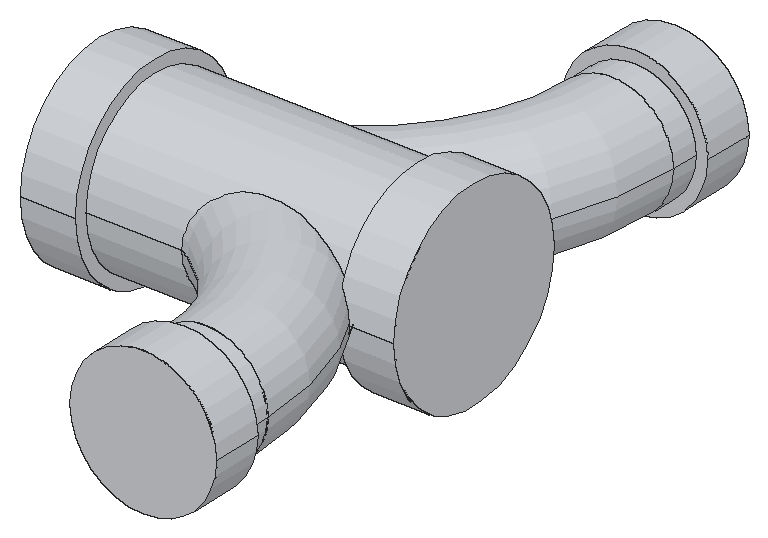
Revit family "f43505e152f14a7dbfd23ad81878217f", category Pipe Fittings, Revit 2021
Family settings
  Round Connector Dimension = Use Radius
  Part Type = Cross
  OmniClass Number = 23.60.30.11.14
  OmniClass Title = Pipework Fittings
  Seek Item ID = Tee Reducing Long Sweep Double Sanitary - PVC - Sch 40 - DWV-0000-USA-ENU
  Work Plane-Based = No
  Always vertical = Yes
  Cut with Voids When Loaded = No
  Shared = No
Parameters (values of type "Standard")
  Wall Thickness 2 [instance] = size_lookup(Lookup Table Name, "WThk", 0.02 * Nominal Diameter 2 + 33/256", Nominal Diameter 2)  # 0.156"
  Wall Thickness 1 [instance] = size_lookup(Lookup Table Name, "WThk", 0.02 * Nominal Diameter 1 + 33/256", Nominal Diameter 1)  # 0.156"
  Tick Size 2 [instance] = Fitting Outside Diameter 2 * 0.4  # 0.664"
  Tick Size 1 [instance] = Fitting Outside Diameter 1 * 0.4  # 0.95"
  Socket Outside Radius 2 [instance] = Socket Outside Diameter 2 / 2  # 0.9935"
  Socket Outside Radius 1 [instance] = Socket Outside Diameter 1 / 2  # 1.351"
  Socket Outside Diameter 2 [instance] = Socket Entrance Diameter 2 + Wall Thickness 2 * 2  # 1.987"
  Socket Outside Diameter 1 [instance] = Socket Entrance Diameter 1 + Wall Thickness 1 * 2  # 2.702"
  Socket Entrance Diameter 2 [instance] = size_lookup(Lookup Table Name, "SED", 1.04 * Nominal Diameter 2 + 95/256", Nominal Diameter 2)  # 1.675"
  Socket Entrance Diameter 1 [instance] = size_lookup(Lookup Table Name, "SED", 1.04 * Nominal Diameter 1 + 95/256", Nominal Diameter 1)  # 2.39"
  Socket Depth 2 [instance] = size_lookup(Lookup Table Name, "SDpt", 0.5 * Nominal Diameter 2, Nominal Diameter 2)  # 0.687"
  Socket Depth 1 [instance] = size_lookup(Lookup Table Name, "SDpt", 0.5 * Nominal Diameter 1, Nominal Diameter 1)  # 3/4"
  Socket Bottom to Socket Bottom Run [instance] = size_lookup(Lookup Table Name, "SBtSBR", 0.03 * Nominal Diameter 1 + 1.96 * Nominal Diameter 2 + 125/256", Nominal Diameter 1, Nominal Diameter 2)  # 3 1/16"
  Radius 4 [instance] = Fitting Outside Radius 2  # 0.83"
  Radius 3 [instance] = Fitting Outside Radius 2  # 0.83"
  Radius 2 [instance] = Fitting Outside Radius 2  # 0.83"
  Radius 1 [instance] = Fitting Outside Radius 2  # 0.83"
  Nominal Radius 2 [instance] = 5/8"
  Nominal Diameter 2 [instance] = Nominal Radius 2 * 2  # 1 1/4"
  Min Angle 12 [instance] = if(Angle 1 < Angle 2, Angle 1, Angle 2)  # 90.00°
  Loss Method = Not Defined
  Lookup Table Name = "Tee Reducing Long Sweep Double Sanitary - PVC - Sch 40 - DWV"
  Length 9 [instance] = if(Length 7 > Socket Outside Radius 1, Socket Depth 2, if((Socket Outside Radius 2 * cos(Angle 2) + Socket Outside Radius 1 - Length 5) / sin(Angle 2) > 1/8", (Socket Outside Radius 2 * cos(Angle 2) + Socket Outside Radius 1 - Length 5) / sin(Angle 2), 1/8"))  # 0.687"
  Length 8 [instance] = if(Length 6 > Socket Outside Radius 1, Socket Depth 2, if((Socket Outside Radius 2 * cos(Angle 1) + Socket Outside Radius 1 - Length 4) / sin(Angle 1) > 1/8", (Socket Outside Radius 2 * cos(Angle 1) + Socket Outside Radius 1 - Length 4) / sin(Angle 1), 1/8"))  # 0.687"
  Length 7 [instance] = Length 5 - Socket Outside Radius 2 * cos(Angle 2)  # 3 7/16"
  Length 6 [instance] = Length 4 - Socket Outside Radius 2 * cos(Angle 1)  # 3 7/16"
  Length 5 [instance] = Center Radius 2 * (1 - cos(Angle 2))  # 3 7/16"
  Length 4 [instance] = Center Radius 1 * (1 - cos(Angle 1))  # 3 7/16"
  Length 3 [instance] = if(Socket Bottom to Socket Bottom Run - Center to Socket Bottom Run > 1/8", Socket Bottom to Socket Bottom Run - Center to Socket Bottom Run, 1/8")  # 1/8"
  Length 2 [instance] = 0"  # constant formula
  Length 19 [instance] = if(Length 9 = Socket Depth 2, if(Angle 2 = 90.00°, -Center to Socket Bottom Run + Center to Socket Bottom Branch + Socket Depth 2, Socket Depth 2), Socket Depth 2 + Length 9)  # 1.062"
  Length 18 [instance] = if(Length 8 = Socket Depth 2, if(Angle 1 = 90.00°, -Center to Socket Bottom Run + Center to Socket Bottom Branch + Socket Depth 2, Socket Depth 2), Socket Depth 2 + Length 8)  # 1.062"
  Length 17 [instance] = Length 12 + 180"  # 183 7/16"
  Length 16 [instance] = Length 10 + 180"  # 183 7/16"
  Length 15 [instance] = if(Min Angle 12 < 90.00°, if(Center to Socket Bottom Run Label + Length 3 > Length 14, Length 3, Length 14 - Center to Socket Bottom Run Label), Length 3)  # 1/8"
  Length 14 [instance] = if(Length 10 > Length 12, Length 10 - cos(Angle 1) * Socket Depth 2 + Socket Outside Radius 2 * sin(Angle 1), Length 12 - cos(Angle 2) * Socket Depth 2 + Socket Outside Radius 2 * sin(Angle 2))  # 4.431"
  Length 13 [instance] = Length 5 + (Length 19) * sin(Angle 2)  # 4.4995"
  Length 12 [instance] = if(Length 7 > Socket Outside Radius 1, Center Radius 2 * sin(Angle 2) + Socket Depth 2 * cos(Angle 2), Center Radius 2 * sin(Angle 2) + (Length 9 + Socket Depth 2) * cos(Angle 2))  # 3 7/16"
  Length 11 [instance] = Length 4 + (Length 18) * sin(Angle 1)  # 4.4995"
  Length 10 [instance] = if(Length 6 > Socket Outside Radius 1, Center Radius 1 * sin(Angle 1) + Socket Depth 2 * cos(Angle 1), Center Radius 1 * sin(Angle 1) + (Length 8 + Socket Depth 2) * cos(Angle 1))  # 3 7/16"
  Length 1 [instance] = if(Fitting Outside Radius 2 * tan(Angle 1 / 2) > Fitting Outside Radius 2 * tan(Angle 2 / 2), Fitting Outside Radius 2 * tan(Angle 1 / 2), Fitting Outside Radius 2 * tan(Angle 2 / 2))  # 0.83"
  Default Elevation = 0' - 0"
  Center Radius 1 [instance] = Center to Socket Bottom Run Label / tan(Angle 1 / 2)  # 3 7/16"
  Nominal Radius 1 [instance] = 1"
  Nominal Diameter 1 [instance] = Nominal Radius 1 * 2  # 2"
  Center Radius 2 [instance] = Center to Socket Bottom Run Label / tan(Angle 2 / 2)  # 3 7/16"
  Center to Socket Bottom Run Label [instance] = if(Length 1 < Center to Socket Bottom Run, Center to Socket Bottom Run, Length 1 + 1/8")  # 3 7/16"
  Fitting Outside Radius 2 [instance] = Fitting Outside Diameter 2 / 2  # 0.83"
  Fitting Outside Radius 1 [instance] = Fitting Outside Diameter 1 / 2  # 1 3/16"
  Fitting Outside Diameter 2 [instance] = size_lookup(Lookup Table Name, "FOD", 1.04 * Nominal Diameter 2 + 23/64", Nominal Diameter 2)  # 1.66"
  Fitting Outside Diameter 1 [instance] = size_lookup(Lookup Table Name, "FOD", 1.04 * Nominal Diameter 1 + 23/64", Nominal Diameter 1)  # 2 3/8"
  Center to Socket Bottom Run [instance] = size_lookup(Lookup Table Name, "CtSBR", -0.012 * Nominal Diameter 1 + 2.43 * Nominal Diameter 2 + 45/128", Nominal Diameter 1, Nominal Diameter 2)  # 3 7/16"
  Center to Socket Bottom Branch [instance] = size_lookup(Lookup Table Name, "CtSBB", 0.48 * Nominal Diameter 1 + 1.92 * Nominal Diameter 2 + 97/256", Nominal Diameter 1, Nominal Diameter 2)  # 3 13/16"
  Angle 2 [instance] = 90.00°
  Angle 1 [instance] = 90.00°
Reference planes (in)
  plane 1 "Center (Front/Back)": y = 0
  plane 2: z = 0
  plane 3 "Center (Left/Right)": x = 0
  plane 4: x = -3.4375
  plane 5: y = 3.4375
  plane 6: y = -3.4375
  plane 7: x = -3.4375
  plane 8: x = 0.125
  plane 9: x = -4.1875
  plane 10: x = 0.875
  plane 11: x = -183.4375
  plane 12: y = -4.4995
  plane 13: x = 0
  plane 14: y = 4.4995
  plane 15: x = 0
Forms (in)
  Sweep 1, solid, detail levels fine
    path in 3D
      loop
        line (0.125, 0, 0) -> (0.875, 0, 0)
    profile origin (0.5, 0, 0) x (0, 1, 0) y (0, 0, 1)
      loop
        circle (0, 0) r 1.351
  Blend 2, solid, detail levels fine
    base sketch origin (0, 0, 0) x (0, 1, 0) y (0, 0, 1)
      loop
        circle (0, 0) r 1.1875
    top sketch origin (0, 0, 0) x (0, 1, 0) y (0, 0, 1)
      loop
        circle (0, 0) r 1.1875
    from -3.4375 to 0.125
  Sweep 3, solid, detail levels fine
    path in 3D
      loop
        arc (-3.4375, 0, 0) -> (-1.00682, -1.00682, 0) -> (0, -3.4375, 0) r 3.4375
    profile origin (-1.00682, -1.00682, 0) x (0.707107, 0.707107, 0) y (0, 0, 1)
      loop
        circle (0, 0) r 0.83
  Sweep 4, solid, detail levels fine
    path in 3D
      loop
        arc (-3.4375, 0, 0) -> (-1.00682, 1.00682, 0) -> (0, 3.4375, 0) r 3.4375
    profile origin (-1.00682, 1.00682, 0) x (-0.707107, 0.707107, 0) y (0, 0, 1)
      loop
        circle (0, 0) r 0.83
  Sweep 5, solid, detail levels fine
    path in 3D
      loop
        line (0, 4.4995, 0) -> (0, 3.4375, 0)
    profile origin (0, 3.9685, 0) x (1, 0, 0) y (0, 0, 1)
      loop
        circle (0, 0) r 0.83
  Sweep 6, solid, detail levels fine
    path origin (0, 0, 0) x (1, 0, 0) y (0, 1, 0)
      loop
        line (0, 4.4995) -> (0, 3.8125)
    profile origin (0, 4.156, 0) x (1, 0, 0) y (0, 0, 1)
      loop
        circle (0, 0) r 0.9935
  Sweep 7, solid, detail levels fine
    path in 3D
      loop
        line (0, -4.4995, 0) -> (0, -3.4375, 0)
    profile origin (0, -3.9685, 0) x (-1, 0, 0) y (0, 0, 1)
      loop
        circle (0, 0) r 0.83
  Sweep 8, solid, detail levels fine
    path origin (0, 0, 0) x (1, 0, 0) y (0, 1, 0)
      loop
        line (0, -4.4995) -> (0, -3.8125)
    profile origin (0, -4.156, 0) x (-1, 0, 0) y (0, 0, 1)
      loop
        circle (0, 0) r 0.9935
  Sweep 9, solid, detail levels fine
    path in 3D
      loop
        line (-4.1875, 0, 0) -> (-3.4375, 0, 0)
    profile origin (-3.8125, 0, 0) x (0, 1, 0) y (0, 0, 1)
      loop
        circle (0, 0) r 1.351
Cuts and joins
  joined: Sweep 1, Blend 2, Sweep 9
  joined: Sweep 4, Sweep 5, Sweep 6
  joined: Sweep 3, Sweep 7, Sweep 8
Lines and regions (in)
  model lines, detail levels coarse+medium
    curve 1: line (0.125, 0, 0) -> (0.875, 0, 0)
    curve 3: line (-4.1875, 0, 0) -> (-4.1875, 0.95, 0)
    curve 4: line (-4.1875, 0, 0) -> (-4.1875, -0.95, 0)
    curve 5: line (0.875, 0, 0) -> (0.875, 0.95, 0)
    curve 6: line (0.875, 0, 0) -> (0.875, -0.95, 0)
    curve 8: line (-4.1875, 0, 0) -> (-3.4375, 0, 0)
    curve 9: line (-3.4375, 0, 0) -> (0.125, 0, 0)
    curve 10: arc (-3.4375, 0, 0) -> (-1.00682, -1.00682, 0) -> (0, -3.4375, 0) r 3.4375
    curve 11: line (0, -4.4995, 0) -> (0, -3.4375, 0)
    curve 12: arc (-3.4375, 0, 0) -> (-1.00682, 1.00682, 0) -> (0, 3.4375, 0) r 3.4375
    curve 13: line (0, -4.4995, 0) -> (0.664, -4.4995, 0)
    curve 14: line (0, -4.4995, 0) -> (-0.664, -4.4995, 0)
    curve 15: line (0, 4.4995, 0) -> (0, 3.4375, 0)
    curve 16: line (0, 4.4995, 0) -> (0.664, 4.4995, 0)
    curve 17: line (0, 4.4995, 0) -> (-0.664, 4.4995, 0)
  sketch lines
    curve 2: line (0.125, 0, 0) -> (0.875, 0, 0)
    curve 18: arc (-3.4375, 0, 0) -> (-1.00682, -1.00682, 0) -> (0, -3.4375, 0) r 3.4375
    curve 19: arc (-3.4375, 0, 0) -> (-1.00682, 1.00682, 0) -> (0, 3.4375, 0) r 3.4375
    curve 20: line (0, 4.4995, 0) -> (0, 3.4375, 0)
    curve 21: line (0, -4.4995, 0) -> (0, -3.4375, 0)
    curve 22: line (-4.1875, 0, 0) -> (-3.4375, 0, 0)
  reference lines
    curve 7: line (-4.1875, 0, 0) -> (-3.4375, 0, 0)
Dimensions and locks (in)
  "Center to Socket Bottom Run Label": plane 4 to plane 3 "Center (Left/Right)"
  "Center Radius 2": plane 5 to plane 1 "Center (Front/Back)"
  "Center Radius 1": plane 6 to plane 1 "Center (Front/Back)"
  "Socket Depth 1": plane 10 to plane 8
  "Socket Depth 1": plane 9 to plane 7
  "Length 2": plane 7 to plane 4
  "Length 15": plane 3 "Center (Left/Right)" to plane 8
  "Tick Size 1": plane 1 "Center (Front/Back)" to curve 3
  "Tick Size 1": curve 4 to plane 1 "Center (Front/Back)"
  equal spacing: curve 6, plane 1 "Center (Front/Back)", curve 5
  "Tick Size 1": curve 6 to plane 1 "Center (Front/Back)"
  "Length 11": plane 12 to plane 1 "Center (Front/Back)"
  "Length 13": plane 14 to plane 1 "Center (Front/Back)"
  locked: plane 11 to plane 4 at 180
  "Length 17": plane 11 to plane 15
  "Length 16": plane 11 to plane 13
  "Length 18": curve 11 to curve 11
  "Tick Size 2": curve 13 to curve 13
  "Tick Size 2": curve 14 to curve 14
  "Length 19": curve 15 to curve 15
  "Tick Size 2": curve 16 to curve 16
  "Tick Size 2": curve 17 to curve 17
  "Socket Depth 2": Sweep 6 sketch curve to Sweep 6 sketch curve
  "Socket Depth 2": Sweep 8 sketch curve to Sweep 8 sketch curve
  "Socket Outside Radius 1": radius of Sweep 1 sketch curve
  "Fitting Outside Radius 1": radius of Blend 2 sketch curve  (x2)
  "Fitting Outside Radius 2": radius of Sweep 3 sketch curve
  "Fitting Outside Radius 2": radius of Sweep 4 sketch curve
  "Fitting Outside Radius 2": radius of Sweep 5 sketch curve
  "Socket Outside Radius 2": radius of Sweep 6 sketch curve
  "Fitting Outside Radius 2": radius of Sweep 7 sketch curve
  "Socket Outside Radius 2": radius of Sweep 8 sketch curve
  "Socket Outside Radius 1": radius of Sweep 9 sketch curve
  "Angle 1": angle curve 10 to curve 10
  "Angle 1": angle curve 11 to plane 12
  "Angle 2": angle curve 12 to curve 12
  locked: curve 13 to curve 11 (angle 90.00°)
  locked: curve 11 to curve 14 (angle 90.00°)
  "Angle 2": angle plane 14 to curve 15
  locked: curve 15 to curve 16 (angle 90.00°)
  locked: curve 17 to curve 15 (angle 90.00°)
  "Angle 2": angle plane 14 to Sweep 6 sketch curve
  "Angle 1": angle Sweep 8 sketch curve to plane 12
  aligned and locked: plane 1 "Center (Front/Back)" to curve 1
  aligned and locked: plane 10 to curve 1
  aligned and locked: level to Blend 2 sketch curve  (x2)
  aligned and locked: plane 1 "Center (Front/Back)" to Blend 2 sketch curve  (x2)
  aligned and locked: Blend 2 to plane 7
  aligned and locked: plane 8 to Blend 2
  aligned and locked: plane 9 to curve 7
  aligned and locked: plane 1 "Center (Front/Back)" to curve 7
  aligned and locked: plane 9 to curve 8
  aligned and locked: plane 7 to curve 8
  aligned and locked: plane 1 "Center (Front/Back)" to curve 8
  aligned and locked: plane 8 to curve 9
  aligned and locked: plane 1 "Center (Front/Back)" to curve 9
  aligned and locked: plane 6 to curve 10
  aligned and locked: plane 12 to curve 11
  aligned and locked: plane 13 to curve 11
  aligned and locked: plane 4 to curve 12
  aligned and locked: plane 14 to curve 15
  aligned and locked: plane 15 to curve 15
  aligned and locked: plane 14 to Sweep 6 sketch curve
  aligned and locked: plane 12 to Sweep 8 sketch curve
  aligned and locked: plane 13 to Sweep 8 sketch curve
Automatic sketch dimensions
  curve 7 to plane 4 = 0' - 0"
  Sweep 1 sketch curve to profile plane = 0' - 0"  (x2)
  Sweep 3 sketch curve to profile plane = 0' - 0"  (x2)
  Sweep 4 sketch curve to profile plane = 0' - 0"
  profile plane to Sweep 4 sketch curve = 0' - 0"
  profile plane to Sweep 5 sketch curve = 0' - 0"
  Sweep 5 sketch curve to profile plane = 0' - 0"
  Sweep 6 sketch curve to plane 3 "Center (Left/Right)" = 0' - 0"
  Sweep 6 sketch curve to level = 0' - 0"
  profile plane to Sweep 6 sketch curve = 0' - 0"
  Sweep 7 sketch curve to profile plane = 0' - 0"  (x2)
  Sweep 8 sketch curve to level = 0' - 0"
  Sweep 8 sketch curve to profile plane = 0' - 0"
  Sweep 9 sketch curve to profile plane = 0' - 0"  (x2)
Connectors (in)
  piping at (-4.1875, 0, 0), diameter 2, driven by "Nominal Radius 1"
    settings: on cut or joined group of Sweep 1, Blend 2, Sweep 9, index 1, connector inside diameter 2", connector length 0' - 0", flow factor 0, pipe flow 0 GPM, pressure drop 0.00 psi, fitting loss kfactor 0, connector angle 0.00°, fixture units 0, engagement length 0' - 0", angle of deflection 0.00°, flow configuration 0, flow direction 0, fitting loss method 0, system type 28, joint type 0, gender type 0, connector reference index 2, connector utility 0, adjustable connector no, is connector primary yes, connector description ""
  piping at (0.875, 0, 0), diameter 2, driven by "Nominal Radius 1"
    settings: on cut or joined group of Sweep 1, Blend 2, Sweep 9, index 2, connector inside diameter 2", connector length 0' - 0", flow factor 0, pipe flow 0 GPM, pressure drop 0.00 psi, fitting loss kfactor 0, connector angle 0.00°, fixture units 0, engagement length 0' - 0", angle of deflection 0.00°, flow configuration 0, flow direction 0, fitting loss method 0, system type 28, joint type 0, gender type 0, connector reference index 1, connector utility 0, adjustable connector no, is connector primary no, connector description ""
  piping at (0, 4.4995, 0), diameter 1.25, driven by "Nominal Radius 2", driven by "Angle 2"
    settings: on cut or joined group of Sweep 4, Sweep 5, Sweep 6, index 3, connector inside diameter 1 1/4", connector length 0' - 0", flow factor 0, pipe flow 0 GPM, pressure drop 0.00 psi, fitting loss kfactor 0, connector angle 90.00°, fixture units 0, engagement length 0' - 0", angle of deflection 0.00°, flow configuration 0, flow direction 0, fitting loss method 0, system type 28, joint type 0, gender type 0, connector reference index -1, connector utility 0, adjustable connector no, is connector primary no, connector description ""
  piping at (0, -4.4995, 0), diameter 1.25, driven by "Nominal Radius 2", driven by "Angle 1"
    settings: on cut or joined group of Sweep 3, Sweep 7, Sweep 8, index 4, connector inside diameter 1 1/4", connector length 0' - 0", flow factor 0, pipe flow 0 GPM, pressure drop 0.00 psi, fitting loss kfactor 0, connector angle 90.00°, fixture units 0, engagement length 0' - 0", angle of deflection 0.00°, flow configuration 0, flow direction 0, fitting loss method 0, system type 28, joint type 0, gender type 0, connector reference index -1, connector utility 0, adjustable connector no, is connector primary no, connector description ""
